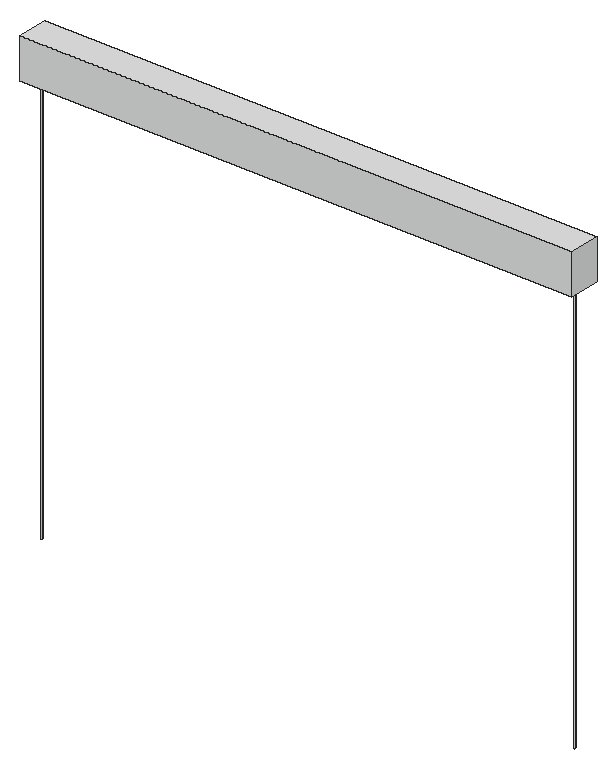
Revit family "Lighting-Suspended-Amerlux-Linea 2.5 ", category Lighting Fixtures, host Face, Revit 2017
Family settings
  Host = Face
  Round Connector Dimension = Use Diameter
  Part Type = Normal
  Cut with Voids When Loaded = No
  Light Source = Yes
  Shared = No
  Room Calculation Point = No
Parameters (values of type "Linea 2.5"")
  Width = 0' - 2 11/16"
  Wattage = 9.2903 W
  built-in parameter 1150110 = 1 (stored number, unit not read)
  Voltage = 0 V
  URL = "http://www.amerlux.com/"
  built-in parameter 1114217 = 1 (stored number, unit not read)
  Tilt Angle = -90.00°
  built-in parameter 1150109 = 1 (stored number, unit not read)
  built-in parameter 1150134 = 3
  Suspension Length [instance] = 3' - 0"
  built-in parameter 1150113 = 1 (stored number, unit not read)
  Right Cable [instance] = yes
  Power Factor = 1
  Photometric Web File = "Load File"
  Number of Poles = 1
  built-in parameter 1150142 = (empty or 0)
  Model = "Lin2.5"
  Manufacturer = "Amerlux"
  built-in parameter 1150105 = 109.82 (stored number, unit not read)
  Lumens = 1380 lm
  built-in parameter 1150115 = 1 (stored number, unit not read)
  built-in parameter 1150137 = (empty or 0)
  built-in parameter 1150139 = (empty or 0)
  Length = 4' - 0"
  Left Cable [instance] = yes
  built-in parameter 1150112 = 1 (stored number, unit not read)
  built-in parameter 1150114 = 1 (stored number, unit not read)
  built-in parameter 1150132 = (empty or 0)
  built-in parameter 1150102 = (empty or 0)
  built-in parameter 1150107 = 3200 (stored number, unit not read)
  built-in parameter 1150138 = (empty or 0)
  built-in parameter 1150106 = 1.0982 (stored number, unit not read)
  Fixture Finish = Aluminum Finish
  Emit from Line Length = Length  # 4' - 0"
  built-in parameter 1150104 = 13.8 (stored number, unit not read)
  Dimming Lamp Color Temperature Shift = <None>
  Description = "Linear Direct LED"
  Default Elevation = 4' - 0"
  Color Filter = 16777215
  built-in parameter 1114218 = 1 (stored number, unit not read)
  built-in parameter 1150133 = 10 (stored number, unit not read)
  Apparent Load = 0 VA
Reference planes (in)
  plane 1 "Center (Front/Back)": y = 0
  plane 2: z = 0
  plane 3 "Center (Left/Right)": x = 0
  plane 4: y = -1.34375
  plane 5: y = 1.34375
  plane 6: z = 36
  plane 7: x = -24
  plane 8: x = 24
Forms (in)
  Extrusion 1, solid, material "Aluminum Finish", visible <- "Right Cable"
    sketch origin (5.6875, 0, 0) x (1, 0, 0) y (0, 1, 0)
      loop
        circle (17.5, 0) r 0.06219
    from 0 to 36
  Extrusion 2, solid, material "Aluminum Finish" <- "Fixture Finish"
    sketch origin (0, 0, 0) x (0, 1, 0) y (0, 0, 1)
      loop
        line (1.34375, 39.5) -> (-1.34375, 39.5) -> (-1.34375, 36) -> (1.34375, 36) -> (1.34375, 39.5)
    from -24 to 24
  Extrusion 3, solid, material "Aluminum Finish", visible <- "Left Cable"
    sketch origin (-5.6875, 0, 0) x (-1, 0, 0) y (0, -1, 0)
      loop
        circle (17.5, 0) r 0.06219
    from 0 to 36
Dimensions and locks (in)
  "Suspension Length": plane 6 to host face
  equal spacing: plane 5, plane 1 "Center (Front/Back)", plane 4
  "Width": plane 5 to plane 4
  equal spacing: plane 7, plane 3 "Center (Left/Right)", plane 8
  "Length": plane 7 to plane 8
  locked: Extrusion 1 to plane 8 at 0.75031
  locked: plane 7 to Extrusion 3 at 0.75031
  locked: Extrusion 2 sketch curve to Extrusion 2 sketch curve at 3.5
  aligned and locked: plane 2 to host face
  aligned and locked: level to host face
  aligned and locked: Extrusion 1 to level
  aligned and locked: Extrusion 2 to plane 7
  aligned and locked: plane 8 to Extrusion 2
  aligned and locked: plane 6 to Extrusion 3
  aligned and locked: plane 6 to Extrusion 1
  aligned and locked: plane 5 to Extrusion 2 sketch curve
  aligned and locked: Extrusion 2 sketch curve to plane 6
  aligned and locked: Extrusion 2 sketch curve to plane 4
  aligned and locked: imposter light to Extrusion 2
Automatic sketch dimensions
  host sketch curve to host sketch curve = 8' - 0"  (x2)
  plane 1 "Center (Front/Back)" to Extrusion 1 sketch curve = 0' - 0"
  Extrusion 1 sketch curve to plane 8 = 0' - 0 13/16"
  plane 1 "Center (Front/Back)" to Extrusion 3 sketch curve = 0' - 0"
  Extrusion 3 sketch curve to plane 7 = 0' - 0 13/16"
  radius of Extrusion 1 sketch curve = 0' - 0.06219"
  radius of Extrusion 3 sketch curve = 0' - 0.06219"
Connectors (in)
  electrical at (24, 0, 37.75), driven by "Number of Poles", driven by "Voltage", driven by "Apparent Load", driven by "Power Factor"
    settings: on Extrusion 2, index 1, voltage 0 V, apparent load 0 VA, apparent load phase1 0 VA, apparent load phase2 0 VA, apparent load phase3 0 VA, power factor 1, load classification "Other", number of poles 1, system type 31, power factor state 1, is connector primary yes, connector utility no, sub classification motor no, connector description "Power"
